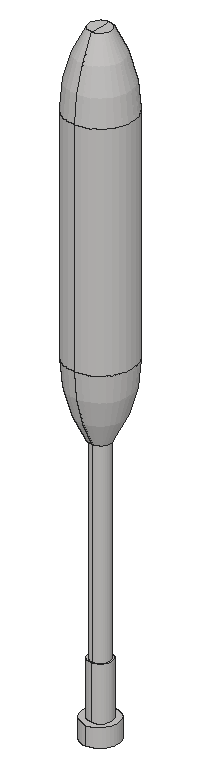
Revit family "Displays_Tensioner_T-End", category Generic Models, Revit 2023
Family settings
  Can host rebar = No
  Round Connector Dimension = Use Diameter
  Part Type = Normal
  OmniClass Number = 23.40.90.11
  OmniClass Title = Information Display Specialties
  Work Plane-Based = Yes
  Always vertical = Yes
  Cut with Voids When Loaded = No
  Maintain Annotation Orientation = No
  Shared = No
  Room Calculation Point = No
Parameters (values of type "As Specified")
  URL = "https://www.ashanging.com/"
  Thickness = 0' - 0.14476"
  Test Data = ""
  Specification = "http://www.arcat.com/sd/clients/ashangin.html?coid=45293"
  Sales Information = "https://www.ashanging.com/en/contacts/"
  Revision = "R1_2017"
  Product Data = "http://www.arcat.com/arcatcos/cos45/arc45245.html"
  Overall Height = 0' - 4 3/16"
  Model = "T End Tensioner"
  Manufacturer Website = "https://www.ashanging.com/"
  Manufacturer Phone - Toll Free = "866-935-6997"
  Manufacturer Phone = ""
  Manufacturer Fax = ""
  Manufacturer Address = "8396 State Route 9, West Chazy, NY 12992"
  Manufacturer = "AS Hanging"
  Keynote = "10 14 00"
  Hook = Stainless Steel
  Drawn By = "Sumex Design, Robert S. Weygant"
  Description = "AS Hanging T End Tensioner"
  Default Elevation = 4' - 0"
  Copyright = "2017 ARCAT, Inc"
  Construction Details = ""
  Cable Material = Stainless Steel
Reference planes (in)
  plane 1 "Center (Front/Back)": y = 0
  plane 2 "Hook Base": z = 0
  plane 3 "Center (Left/Right)": x = 0
  plane 4: y = 0.07238
  plane 5: y = -0.07238
  plane 6: z = 4.1875
  plane 7: z = 1.6875
  plane 8 "HookEnd": z = 0.35938
Forms (in)
  Revolve 1, solid, material "Stainless Steel" <- "Hook"
    sketch origin (0, 0, 0) x (0, 1, 0) y (0, 0, 1)
      loop
        line (0, 4.1875) -> (0, 1.6875) -> (0.07238, 1.6875)
        arc (0.07238, 1.6875) -> (0.17865, 1.92753) -> (0.215, 2.1875) r 0.94777
        line (0.215, 2.1875) -> (0.215, 3.6875)
        arc (0.215, 3.6875) -> (0.17865, 3.94747) -> (0.07238, 4.1875) r 0.94777
        line (0.07238, 4.1875) -> (0, 4.1875)
      axis (0, 4.1875) -> (0, 1.6875)
    angle from 0 to 360
  Extrusion 2, solid, material "Stainless Steel" <- "Cable Material"
    sketch origin (0, 0, 0.35938) x (0, 1, 0) y (-1, 0, 0)
      loop
        circle (0, 0) r 0.0625
    from 0 to 1.32812
  Extrusion 3, solid, material "Stainless Steel" <- "Hook"
    sketch origin (0, 0, -0.125) x (0, 1, 0) y (-1, 0, 0)
      loop
        circle (0, 0) r 0.11914
    from 0 to 0.125
  Extrusion 4, solid, material "Stainless Steel" <- "Hook"
    sketch origin (0, 0, 0.35937) x (0, 1, 0) y (-1, 0, 0)
      loop
        circle (0, 0) r 0.075
    from 0 to -0.35938
Dimensions and locks (in)
  equal spacing: plane 5, plane 1 "Center (Front/Back)", plane 4
  "Thickness": plane 5 to plane 4
  "Overall Height": plane 6 to level
  locked: plane 6 to plane 7 at 2.5
  locked: plane 8 "HookEnd" to level at 0.35938
  aligned and locked: plane 2 "Hook Base" to level
  aligned and locked: plane 1 "Center (Front/Back)" to Revolve 1 sketch curve
  aligned and locked: Extrusion 2 to plane 8 "HookEnd"
  aligned and locked: plane 7 to Extrusion 2
  aligned and locked: plane 8 "HookEnd" to Extrusion 4
Automatic sketch dimensions
  Revolve 1 sketch curve to plane 1 "Center (Front/Back)" = 0' - 0"
  Revolve 1 sketch curve to plane 4 = 0' - 0"  (x2)
  Revolve 1 sketch curve to plane 7 = 0' - 0"
  Revolve 1 sketch curve to plane 6 = 0' - 0"
  plane 5 to Revolve 1 sketch curve = 0' - 0.66039"  (x2)
  Revolve 1 sketch curve to plane 4 = 0' - 0.14262"
  Revolve 1 sketch curve to level = 2' - 0"
  plane 6 to Revolve 1 sketch curve = 7' - 3.27586"
  plane 1 "Center (Front/Back)" to Extrusion 2 sketch curve = 0' - 0"
  Extrusion 2 sketch curve to plane 3 "Center (Left/Right)" = 0' - 0"
  plane 1 "Center (Front/Back)" to Extrusion 3 sketch curve = 0' - 0"
  plane 3 "Center (Left/Right)" to Extrusion 3 sketch curve = 0' - 0"
  plane 1 "Center (Front/Back)" to Extrusion 4 sketch curve = 0' - 0"
  plane 3 "Center (Left/Right)" to Extrusion 4 sketch curve = 0' - 0"
  radius of Extrusion 2 sketch curve = 0' - 0 1/16"
  radius of Extrusion 3 sketch curve = 0' - 0.11914"
  radius of Extrusion 4 sketch curve = 0' - 0.075"
